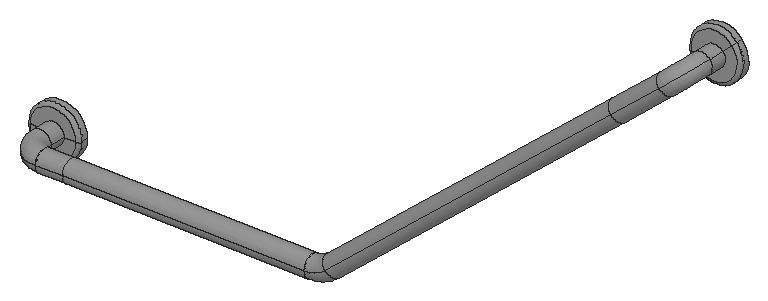
Revit family "RBA4040-001", category Plumbing Fixtures, Revit 2021
Family settings
  Round Connector Dimension = Use Diameter
  Part Type = Normal
  Work Plane-Based = No
  Always vertical = Yes
  Cut with Voids When Loaded = No
  Shared = Yes
  Room Calculation Point = No
Parameters (values of type "RBA4040-001")
  Watermarked By = "www.rba.com.au"
  URL = "http://www.rba.com.au/accessible-disabled/grab-rails"
  Phone Number = "1300 788 778"
  OFFSET [instance] = 800 mm
  Modified Issue = "20190806.01"
  Model = "RBA4040-001"
  Materials and Finishes = Stainless Steel, Satin Finish
  Manufacturer = "RBA Group"
  Lgth = 900 mm
  Diameter = 32 mm
  Description = "40° Angled Grab Rail"
  Default Elevation = 0 mm
  Copyright by = "RBA Group"  # constant formula
Reference planes
  plane 1 "Center (Front/Back)": y = 0
  plane 2: z = 0
  plane 3 "Center (Left/Right)": x = 0
  plane 4: z = 800
  plane 5: x = -1002.228
  plane 6: x = -16
  plane 7: y = -87
  plane 8: y = -55
  plane 9: x = -552.228
  plane 10: through (-26.299, -1524, 1246.2) normal (0.7653, 0, 0.6437)
  plane 11: through (-562.003, -1524, 795.621) normal (0.7653, 0, 0.6437)
  plane 12: z = 768.004
  plane 13: through (-467.619, -1524, 834.116) normal (-0.6428, 0, 0.766)
  plane 14: z = 1233.955
Dimensions and locks
  "OFFSET": plane 4 to level
  locked: plane 4 to nested 1 at 15.996
  locked: nested 1 to plane 3 "Center (Left/Right)"
  aligned and locked: level to plane 2
  aligned and locked: nested 1 to plane 1 "Center (Front/Back)"
Nested families
  nested 1: "RBA4040-001" at (-459.765, 0, 784.004), type "RBA4040-001"
    with R_Void 15 mm, R 0 mm
Definition of nested family "RBA4040-001"
  Parameters (values of type "RBA4040-001")
    Watermarked By = "www.rba.com.au"
    URL = "http://www.rba.com.au/accessible-disabled/grab-rails"
    R_Void [instance] = 15 mm
    R [instance] = 0 mm
    Model = "RBA4040-001"
    Manufacturer = "RBA Group"
    Description = "40° Angled Grab Rail"
    Default Elevation = 0 mm
    Bar = none
    Assembly Code = ""
  Reference planes
    plane 1 "Center (Front/Back)": y = 0
    plane 2: z = 0
    plane 3: through (443.765, -4572, 449.951) normal (0.6428, 0, -0.766)
    plane 4: x = -92.463
    plane 5: x = -542.463
    plane 6: z = 30
    plane 7: x = -514.963
    plane 8: x = -569.963
    plane 9: through (-92.463, -4572, 0) normal (0.766, 0, 0.6428)
    plane 10: through (443.768, -4572, 449.951) normal (0.766, 0, 0.6428)
    plane 11: x = 443.765
    plane 12: x = 471.265
    plane 13: x = 416.265
    plane 14: z = 449.951
  Forms (mm)
    Extrusion 1, solid
      sketch origin (-542.463, -2.628, 315.907) x (0, 0, -1) y (-1, 0, 0)
        loop
          circle (315.907, 0) r 37.5
      from -0.219 to 2.628
    Revolve 2, solid, material <- "Bar"
      sketch origin (-542.463, 18.663, 0) x (0, -1, 0) y (1, 0, 0)
        loop
          line (18.663, 0) -> (33.701, 0) -> (32.901, 34.117)
          arc (32.901, 34.117) -> (31.396, 37.577) -> (27.902, 39) r 5
          line (27.902, 39) -> (18.663, 39) -> (18.663, 0)
        axis (18.663, 0) -> (33.701, 0)
      angle from 0 to 360
    Sweep 3, solid, material <- "Bar"
      path origin (-542.463, 11.454, 0) x (0, -1, 0) y (1, 0, 0)
        loop
          line (14.302, 0) -> (50.454, 0)
          arc (50.454, 0) -> (73.082, 9.373) -> (82.454, 32) r 32
          line (82.454, 32) -> (82.454, 76)
      profile origin (-542.463, -20.924, 0) x (1, 0, 0) y (0, 0, 1)
        loop
          circle (0, 0) r 16
    Extrusion 4, solid
      sketch origin (647.393, -2.628, 208.429) x (-0.64458, 0, 0.764537) y (0.764537, 0, 0.64458)
        loop
          circle (315.907, 0) r 37.5
      from -0.219 to 2.628
    Revolve 5, solid, material <- "Bar"
      sketch origin (443.765, 18.663, 449.951) x (0, -1, 0) y (-0.764537, 0, -0.64458)
        loop
          line (18.663, 0) -> (33.701, 0) -> (32.901, 34.117)
          arc (32.901, 34.117) -> (31.396, 37.577) -> (27.902, 39) r 5
          line (27.902, 39) -> (18.663, 39) -> (18.663, 0)
        axis (18.663, 0) -> (33.701, 0)
      angle from 0 to 360
    Extrusion 6, void
      sketch origin (-542.463, 34.941, 315.907) x (0, 0, -1) y (-1, 0, 0)
        loop
          circle (315.907, -27.5) r 5
        loop
          circle (315.907, 27.5) r 5
      from -37.788 to -30
    Extrusion 7, void
      sketch origin (458.56, 34.941, 765.666) x (-0.034899, 0, -0.999391) y (-0.999391, 0, 0.034899)
        loop
          circle (315.079, -23.716) r 5
        loop
          circle (316.998, 31.251) r 5
      from -37.788 to -30
    Sweep 8, solid, material <- "Bar"
      path origin (-1042.245, 2, 0) x (1, 0, 0) y (0, 0, 1)
        loop
          line (572.012, 0) -> (932.309, 0)
          arc (932.309, 0) -> (948.726, 2.895) -> (963.163, 11.23) r 48
          line (963.163, 11.23) -> (1389.388, 368.875)
      profile origin (-290.085, 2, 0) x (0, 0, 1) y (0, -1, 0)
        loop
          circle (0, 73) r 16
    Sweep 9, solid, material <- "Bar"
      path origin (443.765, 11.454, 449.951) x (0, -1, 0) y (-0.766044, 0, -0.642788)
        loop
          line (14.302, 0) -> (50.454, 0)
          arc (50.454, 0) -> (73.082, 9.373) -> (82.454, 32) r 32
          line (82.454, 32) -> (82.454, 126.132)
      profile origin (443.765, -20.924, 449.951) x (-0.766044, 0, -0.642788) y (0.642788, 0, -0.766044)
        loop
          circle (0, 0) r 16
  Cuts and joins
    Extrusion 6, Extrusion 7 cuts Extrusion 1
    Extrusion 7 cuts Extrusion 4
    Extrusion 6, Extrusion 7 cuts Revolve 2
    Extrusion 7 cuts Revolve 5
    joined: Revolve 2, Sweep 3, Revolve 5, Sweep 8, Sweep 9
  Text (mm)
    text "Centre radius of bend is 48" at (-522.82, 0, 261.018), in view "Front"
  Dimensions and locks
    Revolve 2 sketch curve to Revolve 2 sketch curve = 39 mm
    Revolve 5 sketch curve to Revolve 5 sketch curve = 39 mm
    plane 4 to plane 5 = 450 mm
    plane 8 to plane 7 = 55 mm
    plane 10 to plane 9 = 700 mm
    radius of Extrusion 1 sketch curve = 37.5 mm
    radius of Sweep 3 sketch curve = 16 mm
    radius of Extrusion 4 sketch curve = 37.5 mm
    radius of Sweep 9 sketch curve = 16 mm
    angle level to plane 3 = 40.00°
    aligned and locked: Revolve 2 to Extrusion 1
    aligned and locked: Revolve 5 to Extrusion 4
  Nested families
    nested 1: "FamilyID" at (-581.463, 0, 0), type "FamilyID"
  Definition of nested family "FamilyID"
    Reference planes
      plane 1: y = 0
      plane 2: x = 0
    Text (mm)
      text "RBA COPYRIGHT" at (0.001, 0.001, 0)
